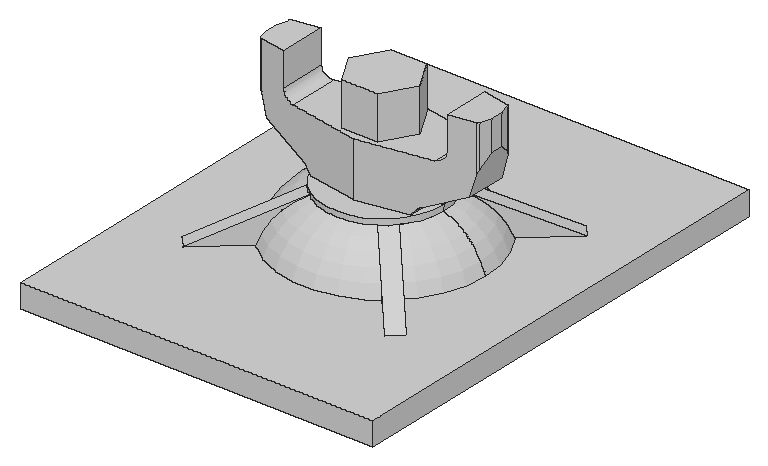
Revit family "EV_PLATE NUT D15 200x150_1908158", category Generic Models, Revit 2018
Family settings
  Can host rebar = No
  Round Connector Dimension = Use Diameter
  Part Type = Normal
  OmniClass Number = 35.51.14.00
  OmniClass Title = FORMWORK
  Work Plane-Based = Yes
  Always vertical = No
  Cut with Voids When Loaded = No
  Shared = Yes
  Room Calculation Point = No
Parameters
  VERSION = "20170217"  # constant formula
  URL = "www.ulmaconstruction.com/en"
  UNICLASS = ""
  Manufacturer = "ULMA CONSTRUCTION"  # constant formula
  ITEM_CODE = "1908158"
  FILTER [instance] = ""
  Default Elevation = 0.000 mm
  CLASSIFICATION_TITLE = ""
  CLASSIFICATION_NUMBER = ""
Reference planes
  plane 1 "Centro (Frontal/Posterior)": y = 0
  plane 2: z = 0
  plane 3 "Centro (Izquierda/Derecha)": x = 0
Forms (mm)
  Extrusion 1, solid, material "ULMA ZINC"
    sketch origin (0, 0, 0) x (1, 0, 0) y (0, 1, 0)
      loop
        line (-75, 100) -> (-75, -100) -> (75, -100) -> (75, 100) -> (-75, 100)
    from 0 to 10
  Revolve 2, solid, material "ULMA ZINC", detail levels fine
    sketch origin (0, 0, 0) x (1, 0, 0) y (0, 0, 1)
      loop
        arc (-25.5, 28.624) -> (-36.419, 21.247) -> (-43.286, 10) r 31
        line (-43.286, 10) -> (0, 10) -> (0, 31) -> (-25.5, 31) -> (-25.5, 28.624)
      axis (0, 31) -> (0, 10)
    angle from 0 to 360
  Extrusion 3, solid, material "ULMA ZINC", detail levels fine
    sketch origin (0, 0, 0) x (1, 0, 0) y (0, 0, 1)
      loop
        line (30.255, 54.298) -> (-30.255, 54.298)
        arc (-30.255, 54.298) -> (-33.513, 55.648) -> (-34.862, 58.905) r 4.607
        line (-34.862, 58.905) -> (-34.862, 72.803) -> (-47.973, 72.803) -> (-47.973, 59.746) -> (-43.104, 43.817) -> (-26.755, 35.76)
        arc (-26.755, 35.76) -> (-24.802, 35.036) -> (-23.313, 33.579) r 5
        arc (-23.313, 33.579) -> (-22.373, 32.257) -> (-21.349, 31) r 25
        line (-21.349, 31) -> (21.349, 31)
        arc (21.349, 31) -> (22.373, 32.257) -> (23.313, 33.579) r 25
        arc (23.313, 33.579) -> (24.802, 35.036) -> (26.755, 35.76) r 5
        line (26.755, 35.76) -> (43.104, 43.817) -> (47.973, 59.746) -> (47.973, 72.803) -> (34.862, 72.803) -> (34.862, 58.905)
        arc (34.862, 58.905) -> (33.513, 55.648) -> (30.255, 54.298) r 4.607
    from -16 to 16
  Extrusion 4, void
    sketch origin (0, 0, 0) x (1, 0, 0) y (0, 1, 0)
      loop
        arc (-45.804, 8.118) -> (-46.336, 7.845) -> (-46.617, 7.318) r 1
        line (-46.617, 7.318) -> (-47.973, 2.5) -> (-47.973, 0.14) -> (-47.973, -2.5) -> (-46.617, -7.318)
        arc (-46.617, -7.318) -> (-46.336, -7.845) -> (-45.804, -8.118) r 1
        line (-45.804, -8.118) -> (0, -16) -> (45.804, -8.118)
        arc (45.804, -8.118) -> (46.336, -7.845) -> (46.617, -7.318) r 1
        line (46.617, -7.318) -> (47.973, -2.5) -> (47.973, 0.14) -> (47.973, 2.5) -> (46.617, 7.318)
        arc (46.617, 7.318) -> (46.336, 7.845) -> (45.804, 8.118) r 1
        line (45.804, 8.118) -> (0, 16) -> (-45.804, 8.118)
      loop
        line (0, 31) -> (-60, 31) -> (-60, -31.151) -> (0, -31.151) -> (65, -31.151) -> (65, 31) -> (0, 31)
    from 31 to 75.682
  Extrusion 5, solid, material "ULMA ZINC", detail levels fine
    sketch origin (0, 0, 0) x (1, 0, 0) y (0, 1, 0)
      loop
        line (-7.5, 12.99) -> (-15, 0) -> (-7.5, -12.99) -> (7.502, -12.99) -> (15, 0) -> (7.502, 12.99) -> (-7.5, 12.99)
    from 54.298 to 72.803
  Extrusion 6, solid, material "ULMA ZINC", detail levels fine
    sketch origin (0, 0, 0) x (-0.666828, 0.745212, 0) y (0, 0, -1)
      loop
        line (-67.3, -10) -> (-25.5, -28.624) -> (25.5, -28.624) -> (67.3, -10) -> (-67.3, -10)
    from -3.5 to 3.5
  Extrusion 7, solid, material "ULMA ZINC", detail levels fine
    sketch origin (0, 0, 0) x (0.745212, 0.666828, 0) y (0, 0, 1)
      loop
        line (-67.3, 10) -> (67.3, 10) -> (25.5, 28.624) -> (-25.5, 28.624) -> (-67.3, 10)
    from -3.5 to 3.5
Cuts and joins
  Extrusion 4 cuts Extrusion 1
  Extrusion 4 cuts Revolve 2
  Extrusion 4 cuts Extrusion 3
Lines and regions (mm)
  model lines, style "ULMA CLAMPS", detail levels fine
    curve 1: circle (0, 0, 0) r 9.5 normal (0, 0, 1)
    curve 2: circle (0, 0, 72.803) r 9.5 normal (0, 0, 1)
Dimensions and locks
  aligned and locked: level to plane 2
